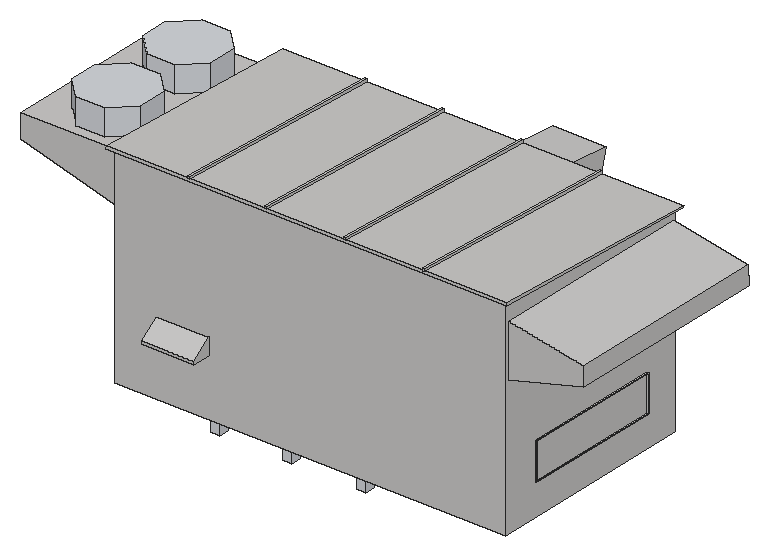
Revit family "DN5_PKGD_RT_ECH_1FP", category Mechanical Equipment, Revit 2019
Family settings
  Round Connector Dimension = Use Diameter
  Part Type = Normal
  Work Plane-Based = No
  Always vertical = Yes
  Cut with Voids When Loaded = No
  Shared = No
  Room Calculation Point = No
Parameters (values of type "4@2.70 kW 200-240V")
  Voltage = "200-240V"
  Unit Weight Range = "4825-6350 lbs."
  Unit Dimensions (L x W x H) = "247-3/8\" x 126-3/8\" x 95\""
  Unit = Renewaire - Galvanized Steel
  URL = "www.renewaire.com"
  Typical Airflow Range = "1,125-4,950 CFM"
  Standard Features [instance] = "EC Motors for both airstreams, Direct drive backward inclined plenum, Higher ESP of up to 3\" w.g. at 4,500 CFM, Integrated programmable controls, True 100% face and bypass enthalpy based modulating economizer, Class 1 low leakage motorized isolation dampers, Stainless steel double-sloped drain pan with cooling option, 1\" Double wall foam injected 20 gauge galvanized panel construction with R6.5 insulation"
  Shipping Dimensions (L x W x H) = "247-3/8\" x 126-3/8\" x 95\""
  Service Area Visibility = yes
  Service Area Box = Renewaire - Interference
  Revit Object Download Link = ""
  Refrigerant = "R410A"
  Phase = "3"
  Options = "DX, heat pump, or chilled water cooling coil, Modulating hot gas reheat, Steam or hot water coil, gas heat module or electric heater, Onboard variable frequency drives (VFDs) - both airstreams, Fused disconnect, Spring isolators (VFDs only), 2\" Double wall foam injected 20 gauge galvanized panel construction with R13 insulation, Exterior paint - grey, white, custom color, Salt spray - 2500 hours, BACNET factory activation, GFCI convenience outlet, Recirculation damper, Drain overflow switch, Mist Eliminator, Electrofin coating for coils"
  Number of Condenser Fans = "Qty. 2, EC motors, Direct drive"
  Number Motors = "Qty. 4, Direct drive motorized impeller packages"
  Nominal Capacity Range = "5.5T - 30T"
  Model = "DN-5XRT-1FP-ECH"
  Max. Shipping Weight (lbs) = "4825-6600 lbs."
  Manufacturer = "Renewaire LLC"
  Inlets/Outlets [instance] = "OA & RA Inlets: 60\" x 16\", SA Outlet: 24\" x 16\", EA Outlet: 20\" x 32\""
  Frequency = "50/60 Hz"
  Filters [instance] = "Total qty. 10, MERV 8: 16\" x 20\" x 2\""
  Features (default) = "BLDC Variable Speed Compressor, Integrated Refrigeration Controller, Electronic Expansion Valve, Filter Drier, Sight Glass"
  Energy Recovery Type [instance] = "Static plate total energy transfer"
  Description = "Energy Recovery Ventilator"
  Bypass Filters [instance] = "Total qty. 4, MERV 8: 16\" x 20\" x 2\""
  Available Options = "Fixed Speed Compressor, Suction Accumlator w/HGRH, Modulating 3-way Valve w/HGRH"
  Accessories = "Filters - MERV 13, 2\"  and 4\" (shipped loose), MERV 14, 2\" and 4\" (shipped loose), Additional filters available upon request, Roof curb - standard 14\", Hurricane or seismic rated curbs, Curb clip kit, Carbon dioxide sensor/control - wall mount (CO2-W), duct mount (CO2-D), IAQ sensor - wall mount (IAQ-W), duct mount (IAQ-D), Motion occupancy sensor/control - ceiling mount (MC-C), wall mount (MC-W), Smoke detector, Room temperature and humidity sensor, Duct static pressure sensor with display to 10\", without display 0-2\", Room pressure sensor with display to 1\", without display 0-1\", Waterless trap negative pressure, waterless trap positive pressure, Remote display"
  AHRI 1060 Certified Core = "One L-62-G5 and four L-125-G5"
Types (6): name | Voltage | Unit Weight Range | Max. Shipping Weight (lbs)
  (no name) | "200-240V" | "4825-6350 lbs." | "4825-6600 lbs."
  4@2.70 kW 200-240V | "200-240V" | "4825-6350 lbs." | "4825-6600 lbs."
  4@3.70 kW 380-480V | "380-480V" | "4850-5500 lbs." | "4825-6350 lbs."
  4@5HP 208-230V | "208-230V" | "4825-6350 lbs." | "4825-6350 lbs."
  4@5HP 460V | "460V" | "4825-6350 lbs." | "4825-6350 lbs."
  4@5HP 575V | "575V" | "4825-6350 lbs." | "4825-6350 lbs."
Reference planes (in)
  plane 1 "Center (Front/Back)": y = 0
  plane 2: z = 0
  plane 3 "Center (Left/Right)": x = 0
Forms (in)
  Extrusion 1, solid, material "Renewaire - Galvanized Steel" <- "Unit"
    sketch origin (0, 0, 1.99997) x (0, 1, 0) y (0, 0, 1)
      loop
        line (12.11677, 31.05846) -> (-11.88323, 31.05846) -> (-11.88323, 15.05845) -> (12.11677, 15.05845) -> (12.11677, 31.05846)
      loop
        line (11.99177, 30.93346) -> (-11.75823, 30.93346) -> (-11.75823, 15.18345) -> (11.99177, 15.18345) -> (11.99177, 30.93346)
    from -169 to -168
  Extrusion 2, solid, material "Renewaire - Galvanized Steel" <- "Unit"
    sketch origin (0, 0, 1.99998) x (0, 1, 0) y (0, 0, 1)
      loop
        line (-29.87714, 28.04274) -> (-29.87714, 12.04274) -> (30.12286, 12.04274) -> (30.12286, 28.04274) -> (-29.87714, 28.04274)
      loop
        line (-29.75214, 27.91774) -> (-29.75214, 12.16774) -> (29.99786, 12.16774) -> (29.99786, 27.91774) -> (-29.75214, 27.91774)
    from 0 to 1
  Extrusion 3, void
    sketch origin (0, 2, 0) x (1, 0, 0) y (0, 1, 0)
      loop
        line (-214.875, 81.54201) -> (-214.875, -129.49808) -> (32.49866, -129.49808) -> (32.49866, 81.54201) -> (-214.875, 81.54201)
    from 0 to 86.0075
  Extrusion 4, solid, material "Renewaire - Galvanized Steel" <- "Unit"
    sketch origin (0, 0, 0) x (1, 0, 0) y (0, 0, 1)
      loop
        line (0, 82.10866) -> (0, 59.48366) -> (32.49866, 68.01908) -> (32.49866, 76.37827) -> (0, 82.10866)
    from -44.29849 to 44.08852
  Extrusion 5, solid, material "Renewaire - Galvanized Steel" <- "Unit"
    sketch origin (0, 0, 0) x (0, 1, 0) y (0, 0, 1)
      loop
        line (45.42474, 81.97972) -> (45.42474, 46.1082) -> (57.67474, 46.1082) -> (69.06801, 64.34123) -> (73.14441, 79.55457) -> (45.42474, 81.97972)
    from -74.44855 to -51.90454
  Extrusion 6, solid, material "Renewaire - Galvanized Steel" <- "Unit"
    sketch origin (0, 0, 0) x (0, 1, 0) y (0, 0, 1)
      loop
        line (-45.5, 31.62254) -> (-53.1831, 25.61984) -> (-53.1831, 24.44788) -> (-45.5, 24.44788) -> (-45.5, 31.62254)
    from -150.04553 to -127.71553
  Extrusion 7, solid, material "Renewaire - Galvanized Steel" <- "Unit"
    sketch origin (0, 0, 0) x (1, 0, 0) y (0, 0, 1)
      loop
        line (-168, 29.91021) -> (-174.69809, 24.67709) -> (-174.69809, 23.17709) -> (-168, 23.17709) -> (-168, 29.91021)
    from 15.03477 to 30.28477
  Extrusion 8, solid, material "Renewaire - Galvanized Steel" <- "Unit"
    sketch origin (0, 0, 0) x (0, 1, 0) y (0, 0, 1)
      loop
        line (45.5, 0.01019) -> (45.5, 86.0075) -> (-45.50002, 90.01019) -> (-45.50002, 0.01019) -> (45.5, 0.01019)
    from 0 to -168
  Extrusion 9, void
    sketch origin (0, 0, 0) x (1, 0, 0) y (0, 1, 0)
      loop
        line (-165.95523, 43.5) -> (-165.95523, -43.50002) -> (-2, -43.50002) -> (-2, 43.5) -> (-165.95523, 43.5)
    from 0 to 8
  Extrusion 10, void
    sketch origin (0, 0, 0) x (1, 0, 0) y (0, 1, 0)
      loop
        line (-160.92017, 11.99999) -> (-160.92017, -12.00001) -> (-144.92017, -12.00001) -> (-144.92017, 11.99999) -> (-160.92017, 11.99999)
      loop
        line (-21.11252, 30.00001) -> (-21.11252, -29.99999) -> (-5.11252, -29.99999) -> (-5.11252, 30.00001) -> (-21.11252, 30.00001)
    from 8.5 to 7.5
  Extrusion 11, solid, material "Renewaire - Galvanized Steel" <- "Unit"
    sketch origin (0, 0, 0) x (0, 1, 0) y (0, 0, 1)
      loop
        line (47.49807, 85.91961) -> (47.54201, 86.91865) -> (-47.45414, 91.09711) -> (-47.49808, 90.09807) -> (47.49807, 85.91961)
    from 2 to -170
  Extrusion 12, solid, material "Renewaire - Galvanized Steel" <- "Unit"
    sketch origin (0, 0, 0) x (0, 1, 0) y (0, 0, 1)
      loop
        line (47.54201, 86.91865) -> (47.58595, 87.91768) -> (-47.4102, 92.09614) -> (-47.45414, 91.09711) -> (47.54201, 86.91865)
    from -101 to -102
  Extrusion 13, solid, material "Renewaire - Galvanized Steel" <- "Unit"
    sketch origin (0, 0, 0) x (0, 1, 0) y (0, 0, 1)
      loop
        line (47.54201, 86.91865) -> (47.58595, 87.91768) -> (-47.4102, 92.09614) -> (-47.45414, 91.09711) -> (47.54201, 86.91865)
    from -134 to -135
  Extrusion 14, solid, material "Renewaire - Galvanized Steel" <- "Unit"
    sketch origin (0, -0.04394, 0) x (0, 1, 0) y (0, 0, 1)
      loop
        line (47.54201, 86.91865) -> (47.58595, 87.91768) -> (-47.4102, 92.09614) -> (-47.45414, 91.09711) -> (47.54201, 86.91865)
    from -68 to -67
  Extrusion 15, solid, material "Renewaire - Galvanized Steel" <- "Unit"
    sketch origin (0, -0.04394, 0) x (0, 1, 0) y (0, 0, 1)
      loop
        line (47.54201, 86.91865) -> (47.58595, 87.91768) -> (-47.4102, 92.09614) -> (-47.45414, 91.09711) -> (47.54201, 86.91865)
    from -34 to -33
  Extrusion 16, solid, material "Renewaire - Galvanized Steel" <- "Unit"
    sketch origin (-107.98003, 0.59476, 17.87788) x (-1, 0, 0) y (0, 0, -1)
      loop
        line (60.01997, -66.11208) -> (106.89497, -66.11208) -> (106.89497, -56.05334) -> (60.01997, -43.33824) -> (60.01997, -66.11208)
    from 38.15726 to -38.09274
  Extrusion 17, solid
    sketch origin (-35.76353, -75.46529, 112.72993) x (0.999048, 0.043619, 0) y (-0.043619, 0.999048, 0)
      loop
        line (-143.41504, 78.57827) -> (-155.64926, 79.11243) -> (-164.67786, 70.83924) -> (-165.21202, 58.60502) -> (-156.93883, 49.57642) -> (-144.70461, 49.04226) -> (-135.67601, 57.31545) -> (-135.14185, 69.54967) -> (-143.41504, 78.57827)
    from -17.72993 to -28.73996
  Extrusion 18, solid
    sketch origin (-35.76353, -37.66513, 112.72993) x (0.999048, 0.043619, 0) y (-0.043619, 0.999048, 0)
      loop
        line (-143.41504, 78.57827) -> (-155.64926, 79.11243) -> (-164.67786, 70.83924) -> (-165.21202, 58.60502) -> (-156.93883, 49.57642) -> (-144.70461, 49.04226) -> (-135.67601, 57.31545) -> (-135.14185, 69.54967) -> (-143.41504, 78.57827)
    from -17.72993 to -28.73996
  Extrusion 19, void
    sketch origin (-195.60934, -50.04009, 95) x (1, 0, 0) y (0, 1, 0)
      loop
        line (-19.26566, 88.72759) -> (-19.26566, 12.47759) -> (25.60934, 12.47759) -> (25.60934, 88.72759) -> (-19.26566, 88.72759)
    from 0 to 48
  Extrusion 20, solid
    sketch origin (4, -0.04987, 0) x (1, 0, 0) y (0, 1, 0)
      loop
        line (-132.25, -39.38324) -> (-132.25, -43.38324) -> (-128.25, -43.38324) -> (-128.25, -39.38324) -> (-132.25, -39.38324)
      loop
        line (-101.367, -43.38324) -> (-97.367, -43.38324) -> (-97.367, -39.38324) -> (-101.367, -39.38324) -> (-101.367, -43.38324)
      loop
        line (-69.522, -43.38324) -> (-65.522, -43.38324) -> (-65.522, -39.38324) -> (-69.522, -39.38324) -> (-69.522, -43.38324)
    from 0 to -6
  Extrusion 21, solid
    sketch origin (2, -1.001, 0) x (1, 0, 0) y (0, 1, 0)
      loop
        line (-165.39844, 37.125) -> (-142, 37.125) -> (-142, 37.6) -> (-165.39844, 37.6) -> (-165.39844, 37.125)
      loop
        line (-110.266, 37.125) -> (-100.766, 37.125) -> (-100.766, 37.6) -> (-110.266, 37.6) -> (-110.266, 37.125)
    from 0 to -6
  Extrusion 22, solid
    sketch origin (-121.19159, -16.31774, 85.27222) x (1, 0, 0) y (0, 1, 0)
      loop
        line (-48.37017, -17.68227) -> (-48.37017, -21.18227) -> (-46.80927, -21.18227) -> (-46.80927, -17.68227) -> (-48.37017, -17.68227)
    from -24.05611 to -29
Cuts and joins
  Extrusion 9, Extrusion 10, Extrusion 19 cuts Extrusion 8
  Extrusion 19 cuts Extrusion 1
  Extrusion 19 cuts Extrusion 2
  Extrusion 19 cuts Extrusion 4
  Extrusion 19 cuts Extrusion 5
  Extrusion 19 cuts Extrusion 6
  Extrusion 19 cuts Extrusion 7
  Extrusion 19 cuts Extrusion 16
  Extrusion 19 cuts Extrusion 17
  Extrusion 19 cuts Extrusion 18
Dimensions and locks (in)
  aligned and locked: plane 2 to level
Nested families (in)
  nested 1: "Lifting Lug" at (-163.25, 45.5, 3) x (0, 1, 0) z (0, 0, 1), type "Lifting Lug"
  nested 2: "Lifting Lug" at (-125.25, 45.5, 3) x (0, 1, 0) z (0, 0, 1), type "Lifting Lug"
  nested 3: "Lifting Lug" at (-87.25, 45.5, 3) x (0, 1, 0) z (0, 0, 1), type "Lifting Lug"
  nested 4: "Lifting Lug" at (-4.5, 45.5, 3) x (0, 1, 0) z (0, 0, 1), type "Lifting Lug"
  nested 5: "Lifting Lug" at (-42.5, 45.5, 3) x (0, 1, 0) z (0, 0, 1), type "Lifting Lug"
  nested 6: "Lifting Lug" at (-80.5, 45.5, 3) x (0, 1, 0) z (0, 0, 1), type "Lifting Lug"
Connectors (in)
  hvac at (1, 0.12286, 22.04273)
    settings: on Extrusion 2, index 1, duct flow 0 CFM, flow factor 0, pres drop 0.00 in-wg, loss coef 0, conn angle 0.00°, conn width 60", conn height 16", conn diameter 24", duct sys type 2, conn prof type 1, flow config 0, flow direction 1, loss method 0, conn ref index -1, conn util no, is conn primary yes, conn desc "Return Air (RA)"
  hvac at (-169, 0.11677, 25.05843)
    settings: on Extrusion 1, index 6, duct flow 0 CFM, flow factor 0, pres drop 0.00 in-wg, loss coef 0, conn angle 0.00°, conn width 24", conn height 16", conn diameter 24", duct sys type 1, conn prof type 1, flow config 0, flow direction 2, loss method 0, conn ref index -1, conn util no, is conn primary no, conn desc "Supply Air (SA)"
  hvac at (-152.92017, -0.00001, 8.5)
    settings: on cut or joined group of Extrusion 8, Extrusion 9, Extrusion 10, Extrusion 19, index 7, duct flow 0 CFM, flow factor 0, pres drop 0.00 in-wg, loss coef 0, conn angle 0.00°, conn width 24", conn height 16", conn diameter 24", duct sys type 1, conn prof type 1, flow config 0, flow direction 2, loss method 0, conn ref index -1, conn util no, is conn primary no, conn desc "Supply Air (SA)"
  hvac at (-13.11252, 0.00001, 8.5)
    settings: on cut or joined group of Extrusion 8, Extrusion 9, Extrusion 10, Extrusion 19, index 8, duct flow 0 CFM, flow factor 0, pres drop 0.00 in-wg, loss coef 0, conn angle 0.00°, conn width 60", conn height 16", conn diameter 24", duct sys type 2, conn prof type 1, flow config 0, flow direction 1, loss method 0, conn ref index -1, conn util no, is conn primary no, conn desc "Return Air (RA)"
  piping at (-126.25, -41.4331, -6), diameter 4
    settings: on Extrusion 20, index 9, connector inside diameter 24", connector length 0' - 0", flow factor 0, pipe flow 0 GPM, pressure drop 0.00 psi, fitting loss kfactor 0, connector angle 0.00°, fixture units 0, engagement length 0' - 0", angle of deflection 0.00°, flow configuration 2, flow direction 2, fitting loss method 0, system type 19, joint type 0, gender type 0, connector reference index -1, connector utility 0, adjustable connector no, is connector primary yes, connector description "1\" NPT DRAIN FAN BEFORE-HW (HORIZONTAL ONLY)"
  piping at (-95.367, -41.4331, -6), diameter 4
    settings: on Extrusion 20, index 10, connector inside diameter 24", connector length 0' - 0", flow factor 0, pipe flow 0 GPM, pressure drop 0.00 psi, fitting loss kfactor 0, connector angle 0.00°, fixture units 0, engagement length 0' - 0", angle of deflection 0.00°, flow configuration 2, flow direction 2, fitting loss method 0, system type 22, joint type 0, gender type 0, connector reference index -1, connector utility 0, adjustable connector no, is connector primary no, connector description "1\" NPT DRAIN FAN BEFORE-DX  FAN AFTER-HW"
  piping at (-63.522, -41.4331, -6), diameter 4
    settings: on Extrusion 20, index 11, connector inside diameter 24", connector length 0' - 0", flow factor 0, pipe flow 0 GPM, pressure drop 0.00 psi, fitting loss kfactor 0, connector angle 0.00°, fixture units 0, engagement length 0' - 0", angle of deflection 0.00°, flow configuration 0, flow direction 0, fitting loss method 0, system type 19, joint type 0, gender type 0, connector reference index -1, connector utility 0, adjustable connector no, is connector primary no, connector description "1\" NPT DRAIN FAN AFTER-DX"
  piping at (-103.516, 36.3615, -6), diameter 1
    settings: on Extrusion 21, index 12, connector inside diameter 24", connector length 0' - 0", flow factor 0, pipe flow 0 GPM, pressure drop 0.00 psi, fitting loss kfactor 0, connector angle 0.00°, fixture units 0, engagement length 0' - 0", angle of deflection 0.00°, flow configuration 0, flow direction 0, fitting loss method 0, system type 19, joint type 0, gender type 0, connector reference index -1, connector utility 0, adjustable connector no, is connector primary no, connector description "PIPING PENETRATIONS FAN AFTER-HW"
  piping at (-151.69922, 36.3615, -6), diameter 1
    settings: on Extrusion 21, index 13, connector inside diameter 24", connector length 0' - 0", flow factor 0, pipe flow 0 GPM, pressure drop 0.00 psi, fitting loss kfactor 0, connector angle 0.00°, fixture units 0, engagement length 0' - 0", angle of deflection 0.00°, flow configuration 0, flow direction 0, fitting loss method 0, system type 19, joint type 0, gender type 0, connector reference index -1, connector utility 0, adjustable connector no, is connector primary no, connector description "PIPING PENETRATIONS FAN BEFORE-HW (HORIZONTAL ONLY)"
  electrical at (-169.56177, -35.75002, 58.74417)
    settings: on Extrusion 22, index 14, voltage 0 V, apparent load 0 VA, apparent load phase1 0 VA, apparent load phase2 0 VA, apparent load phase3 0 VA, power factor 1, load classification "Other", number of poles 1, system type 31, power factor state 1, is connector primary yes, connector utility no, sub classification motor no, connector description ""
Definition of nested family "Lifting Lug"
  Parameters (values of type "Lifting Lug")
    Material = none
  Reference planes (in)
    plane 1 "Center (Front/Back)": y = 0
    plane 2: z = 0
    plane 3 "Center (Left/Right)": x = 0
  Forms (in)
    Extrusion 1, solid
      sketch origin (0, 0, 0) x (1, 0, 0) y (0, 0, 1)
        loop
          line (0, 0.1875) -> (2, 0.1875)
          arc (2, 0.1875) -> (3.41421, 0.77329) -> (4, 2.1875) r 2
          line (4, 2.1875) -> (4, 3.1875)
          arc (4, 3.1875) -> (3.41421, 4.60171) -> (2, 5.1875) r 2
          line (2, 5.1875) -> (0, 5.1875) -> (0, 0.1875)
        loop
          circle (2.125, 2.6875) r 1
      from 0 to 0.25
  Dimensions and locks (in)
    aligned and locked: plane 2 to level
